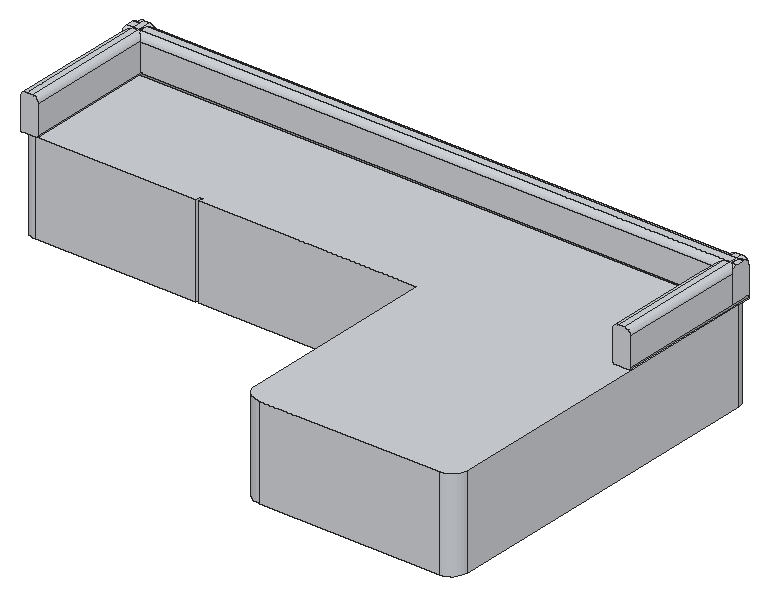
Revit family "Golden Sofa", category Generic Models, Revit 2027
Family settings
  Can host rebar = No
  Round Connector Dimension = Use Diameter
  Part Type = Normal
  Work Plane-Based = No
  Always vertical = Yes
  Cut with Voids When Loaded = No
  Maintain Annotation Orientation = No
  Shared = No
  Room Calculation Point = No
Parameters
  Default Elevation = 0.00 m
  Ancho Y2 = 0.6 * Ancho Y  # 0.72 m
  Ancho Y = 1.20 m
  Ancho X2 = 0.65 * Ancho X  # 1.30 m
  Ancho X = 2.00 m
  Altura Posabrazos = 0.33136 m
  Altura Base = 0.30 m
Reference planes (m)
  plane 1 "Center (Front/Back)": y = 0
  plane 2: z = 0
  plane 3 "Center (Left/Right)": x = 0
  plane 4: x = -1
  plane 5: x = 1
  plane 6: y = 0.6
  plane 7: y = -0.6
  plane 8: y = 0.12
  plane 9: x = 0.3
  plane 10 "top base": z = 0.3
  plane 11: z = 0.63136
Forms (m)
  Extrusion 1, solid
    sketch origin (0.12, 0.04, 0) x (1, 0, 0) y (0, 1, 0)
      loop
        arc (-1.078251, 0.56) -> (-1.107772, 0.547772) -> (-1.12, 0.518251) r 0.041749
        line (-1.12, 0.518251) -> (-1.12, 0.13)
        arc (-1.12, 0.13) -> (-1.105355, 0.094645) -> (-1.07, 0.08) r 0.05
        line (-1.07, 0.08) -> (-0.545, 0.08) -> (-0.545, 0.095) -> (-0.535, 0.095) -> (-0.535, 0.08) -> (0.18, 0.08) -> (0.18, -0.58)
        arc (0.18, -0.58) -> (0.197574, -0.622426) -> (0.24, -0.64) r 0.06
        line (0.24, -0.64) -> (0.83, -0.64)
        arc (0.83, -0.64) -> (0.865355, -0.625355) -> (0.88, -0.59) r 0.05
        line (0.88, -0.59) -> (0.88, 0.52)
        arc (0.88, 0.52) -> (0.868284, 0.548284) -> (0.84, 0.56) r 0.04
        line (0.84, 0.56) -> (-1.078251, 0.56)
    from 0 to 0.3
  Extrusion 2, solid
    sketch origin (0, 0, 0) x (1, 0, 0) y (0, 0, 1)
      loop
        line (-0.992045, 0.3) -> (-0.948115, 0.3)
        arc (-0.948115, 0.3) -> (-0.942377, 0.302377) -> (-0.94, 0.308115) r 0.008115
        line (-0.94, 0.308115) -> (-0.94, 0.4)
        arc (-0.94, 0.4) -> (-0.945858, 0.414142) -> (-0.96, 0.42) r 0.02
        line (-0.96, 0.42) -> (-0.98, 0.42)
        arc (-0.98, 0.42) -> (-0.994142, 0.414142) -> (-1, 0.4) r 0.02
        line (-1, 0.4) -> (-1, 0.307955)
        arc (-1, 0.307955) -> (-0.99767, 0.30233) -> (-0.992045, 0.3) r 0.007955
    from -0.6 to -0.12
  Extrusion 3, solid
    sketch origin (1.94, 0, 0) x (1, 0, 0) y (0, 0, 1)
      loop
        line (-0.992045, 0.3) -> (-0.948115, 0.3)
        arc (-0.948115, 0.3) -> (-0.942377, 0.302377) -> (-0.94, 0.308115) r 0.008115
        line (-0.94, 0.308115) -> (-0.94, 0.4)
        arc (-0.94, 0.4) -> (-0.945858, 0.414142) -> (-0.96, 0.42) r 0.02
        line (-0.96, 0.42) -> (-0.98, 0.42)
        arc (-0.98, 0.42) -> (-0.994142, 0.414142) -> (-1, 0.4) r 0.02
        line (-1, 0.4) -> (-1, 0.307955)
        arc (-1, 0.307955) -> (-0.99767, 0.30233) -> (-0.992045, 0.3) r 0.007955
    from -0.6 to -0.12
  Extrusion 4, solid
    sketch origin (0, 0, 0) x (0, 1, 0) y (0, 0, 1)
      loop
        line (0.6, 0.3) -> (0.6, 0.4)
        arc (0.6, 0.4) -> (0.594142, 0.414142) -> (0.58, 0.42) r 0.02
        line (0.58, 0.42) -> (0.555, 0.42)
        arc (0.555, 0.42) -> (0.540858, 0.414142) -> (0.535, 0.4) r 0.02
        line (0.535, 0.4) -> (0.535, 0.308)
        arc (0.535, 0.308) -> (0.537343, 0.302343) -> (0.543, 0.3) r 0.008
        line (0.543, 0.3) -> (0.6, 0.3)
    from -1 to 1
Dimensions and locks (m)
  plane 4 to plane 3 "Center (Left/Right)" to Extrusion 1 = 1.00 m, 1.00 m
  "Ancho X": plane 4 to plane 5
  equal spacing: plane 6, plane 1 "Center (Front/Back)", plane 7
  "Ancho Y": plane 6 to plane 7
  "Ancho X2": plane 4 to plane 9
  "Ancho Y2": plane 8 to plane 7
  "Altura Base": plane 10 "top base" to level
  "Altura Posabrazos": plane 11 to plane 10 "top base"
  aligned and locked: level to plane 2
  aligned and locked: Extrusion 1 to plane 4
  aligned and locked: plane 5 to Extrusion 1
  aligned and locked: plane 6 to Extrusion 1
  aligned and locked: Extrusion 1 to plane 7
  aligned and locked: Extrusion 1 to plane 8
  aligned and locked: Extrusion 1 to plane 9
  aligned and locked: plane 10 "top base" to Extrusion 1
  aligned and locked: Extrusion 2 to Extrusion 1
  aligned and locked: Extrusion 1 to Extrusion 2
  aligned and locked: Extrusion 3 to Extrusion 1
  aligned and locked: Extrusion 1 to Extrusion 3
  aligned and locked: Extrusion 1 to Extrusion 4
  aligned and locked: Extrusion 4 to Extrusion 1
Automatic sketch dimensions
  Extrusion 1 sketch curve to plane 4 = 0.00 m
  Extrusion 1 sketch curve to plane 6 = 0.00 m
  Extrusion 1 sketch curve to plane 8 = 0.00 m  (x2)
  Extrusion 1 sketch curve to plane 9 = 0.00 m
  Extrusion 1 sketch curve to plane 7 = 0.00 m
  Extrusion 1 sketch curve to plane 5 = 0.00 m
  plane 4 to Extrusion 1 sketch curve = 0.041749 m
  plane 4 to Extrusion 1 sketch curve = 0.05 m
  plane 8 to Extrusion 1 sketch curve = 0.015 m
  Extrusion 1 sketch curve to plane 3 "Center (Left/Right)" = 0.425 m
  Extrusion 1 sketch curve to Extrusion 1 sketch curve = 0.01 m
  plane 9 to Extrusion 1 sketch curve = 0.06 m
  Extrusion 1 sketch curve to Extrusion 1 sketch curve = 0.05 m
  Extrusion 1 sketch curve to Extrusion 1 sketch curve = 0.04 m
  Extrusion 2 sketch curve to plane 4 = 0.00 m
  Extrusion 2 sketch curve to plane 10 "top base" = 0.00 m
  plane 4 to Extrusion 2 sketch curve = 0.007955 m
  Extrusion 2 sketch curve to Extrusion 2 sketch curve = 0.02 m  (x2)
  plane 10 "top base" to Extrusion 2 sketch curve = 0.008115 m
  Extrusion 2 sketch curve to Extrusion 2 sketch curve = 0.04393 m
  Extrusion 2 sketch curve to Extrusion 2 sketch curve = 0.091885 m
  Extrusion 3 sketch curve to plane 10 "top base" = 0.00 m
  Extrusion 3 sketch curve to plane 5 = 0.00 m
  Extrusion 3 sketch curve to plane 5 = 0.008115 m
  Extrusion 3 sketch curve to plane 5 = 0.02 m
  Extrusion 3 sketch curve to Extrusion 3 sketch curve = 0.02 m
  plane 10 "top base" to Extrusion 3 sketch curve = 0.007955 m
  Extrusion 3 sketch curve to Extrusion 3 sketch curve = 0.04393 m
  Extrusion 3 sketch curve to Extrusion 3 sketch curve = 0.091885 m
  Extrusion 4 sketch curve to plane 10 "top base" = 0.00 m
  Extrusion 4 sketch curve to plane 6 = 0.00 m
  Extrusion 4 sketch curve to plane 6 = 0.02 m
  Extrusion 4 sketch curve to Extrusion 4 sketch curve = 0.025 m
  Extrusion 4 sketch curve to plane 6 = 0.057 m
  plane 10 "top base" to Extrusion 4 sketch curve = 0.008 m
  Extrusion 4 sketch curve to Extrusion 4 sketch curve = 0.092 m
